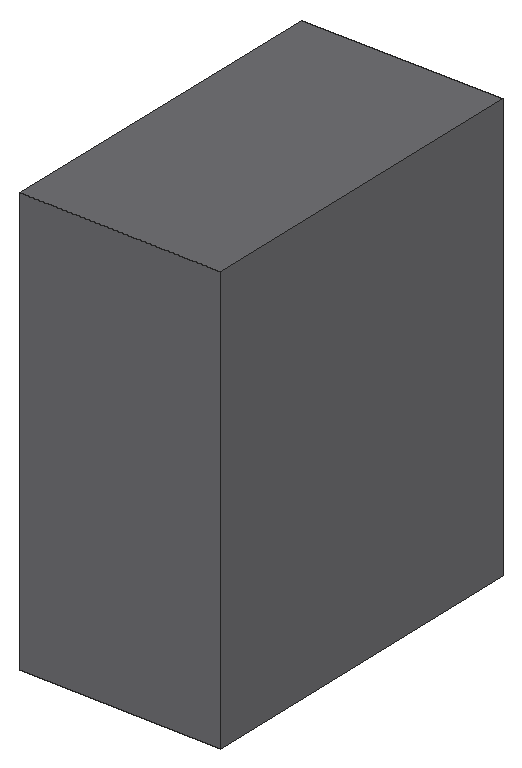
Revit family "BUS_End Cap 400A", category Electrical Equipment, Revit 2025
Family settings
  Panel Configuration = Two Columns, Circuits Across
  Round Connector Dimension = Use Diameter
  Part Type = Panelboard
  OmniClass Number = 23.80.30.11.17
  OmniClass Title = Distribution Boards and Control Panels
  Work Plane-Based = No
  Always vertical = Yes
  Cut with Voids When Loaded = No
  Maintain Annotation Orientation = No
  Shared = No
  Room Calculation Point = No
Parameters (values of type "400A")
  built-in parameter 1140142 [instance] = -1
  built-in parameter 1140140 [instance] = 1 (stored number, unit not read)
  built-in parameter 1155100 [instance] = -1
  Default Elevation = 0 mm
Reference planes
  plane 1 "Center (Front/Back)": y = 0
  plane 2: z = 0
  plane 3 "Center (Left/Right)": x = 0
Forms (mm)
  Extrusion 1, solid, material "Busduct End Cap"
    sketch origin (0, 0, -85) x (1, 0, 0) y (0, 1, 0)
      loop
        line (0, -70) -> (80, -70) -> (80, 70) -> (0, 70) -> (0, -70)
    from 0 to 170
Dimensions and locks
  aligned and locked: level to plane 2
